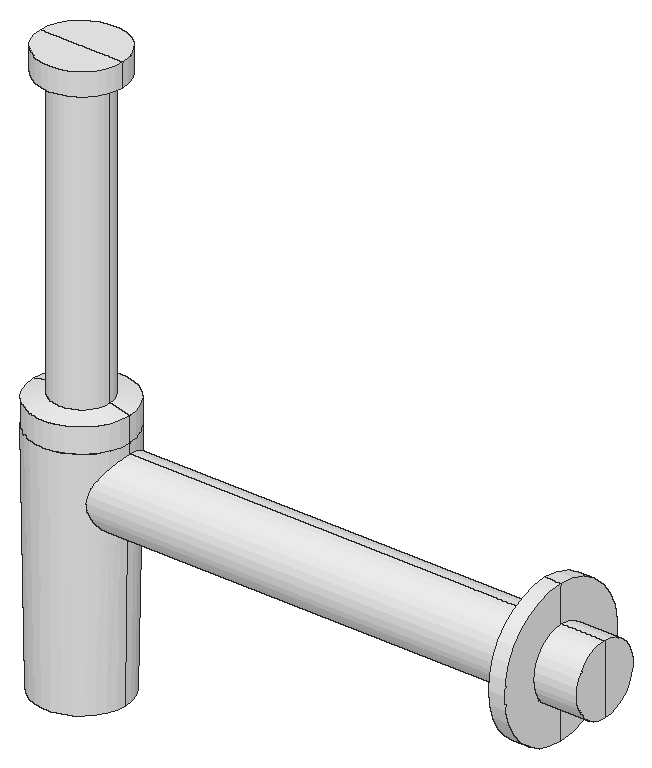
Revit family "Lavabo için Geberit sifon, yatay çıkış_PRO_145876", category Pipe Fittings, Revit 2018
Family settings
  Round Connector Dimension = Use Diameter
  Part Type = Multi Port
  OmniClass Number = 23.60.30.11.14
  OmniClass Title = Pipework Fittings
  Work Plane-Based = No
  Always vertical = Yes
  Cut with Voids When Loaded = No
  Shared = No
Parameters (values of type "151.034.21.1 Lavabo için Geberit sifon, yatay çıkış")
  type_index = 1
  Type = "d40-G1 1/4''"  # constant formula
  size_table = if(GEB_imperial_engineering, "waste_DNimperial_sizes", if(and(GEB_metric_engineering, GEB_use_DN), "waste_ODDN_sizes", "waste_DNOD_sizes"))  # "waste_ODDN_sizes"
  Product brand = ""
  Name = "Lavabo için Geberit sifon, yatay çıkış"
  length [instance] = 300 mm
  height [instance] = 220 mm
  h [instance] = if(height < 60 mm, 60 mm, if(height = 60 mm, 60 mm, if(height > 220 mm, 220 mm, if(height = 220 mm, 220 mm, height))))  # 220 mm
  Main material = Geberit_Plastic, White
  Waste Connection = 1 = 1  # yes
  WFU = 0
  Vent Connection = 1 = 0  # no
  l [instance] = if(length < 75 mm, 75 mm, if(length = 75 mm, 75 mm, if(length > 300 mm, 300 mm, if(length = 300 mm, 300 mm, length))))  # 300 mm
  built-in parameter 1114238 [instance] = 1
  HW Connection = 1 = 0  # no
  GEB_translations = "{\"applicationPurposes\":\"Application purposes\",\"application_range\":\"Application range\",\"brandName\":\"Brand\",\"characteristics\":\"Characteristics\",\"content_creator\":\"BIM Content creator\",\"content_date_changed\":\"BIM Content revision date\",\"content_version\":\"BIM Content Version\",\"key 1000\":\"Article number key\",\"ATT_10673\":\"EAN code basic data\",\"name\":\"Name\",\"productBrand\":\"Product brand\",\"type\":\"Type\",\"GEB_connection_diameter1\":\"Connection diameter 1\",\"GEB_connection_diameter2\":\"Connection diameter 2\",\"fixed_material\":\"Main material\",\"ATT_10935\":\"d, ø\",\"GEB_accessories\":\"Accessories\"}"
  GEB_pimversion = "22.02.12"
  GEB_culture = "tr-TR"
  Connection diameter 2 = if(GEB_imperial_engineering, size_lookup("waste_DNimperial_sizes", "cd", 25.4 mm, [d, ø]), [d, ø])  # 32 mm
  Connection diameter 1 = if(GEB_imperial_engineering, size_lookup("waste_DNimperial_sizes", "cd", 25.4 mm, 32 mm), 30 mm)  # 30 mm
  GEB_Article_Number [instance] = if(LOD300, "n/a", Article number key)  # "151.034.21.1"
  CW Connection = 1 = 0  # no
  d, ø = 32 mm
  EAN code basic data = "4025416706328"
  Article number key = "151.034.21.1"
  BIM Content Version = "GEB MG 1.2"  # constant formula
  BIM Content revision date = "2020.04.28"  # constant formula
  BIM Content creator = "Geberit"  # constant formula
  Characteristics = "EN 274-3 uyarınca kalite kontrollü\nKorozyona dayanıklı\nYatay çıkış"
  Brand = "Geberit"
  Application range = "Waste fittings"  # constant formula
  Application purposes = "Lavabolar için"
  Model = if(LOD300, GEB_generic_model, Type)  # "d40-G1 1/4''"
  Manufacturer = if(LOD300, GEB_generic_manufacturer, Brand)  # "Geberit"
  LOD400 = not(LOD300)  # yes
  LOD300 = no
  IfcExportType = "ENTRY"  # constant formula
  IfcExportAs = "IfcPipeFitting"  # constant formula
  IfcDescription = Description  # "Lavabo için Geberit sifon, yatay çıkış"
  GEB_use_DN = yes
  GEB_reference = "PRO_145876"  # constant formula
  GEB_processing_type = "T"  # constant formula
  GEB_metric_engineering = yes
  GEB_key_rules = "1000 [Articles.ArticlesList.Key] \r\n2000 [Name], d[ATT_10935]mm/G[ATT_10948]\"\r\n3000 [ATT_10673]"
  GEB_imperial_engineering = not(GEB_metric_engineering)  # no
  GEB_generic_model = "washbasin trap"
  GEB_generic_manufacturer = "generic"
  GEB_generic_description = "washbasin trap"
  Accessories = ""
  ETIM_class = ""  # constant formula
  ETIM_MC = ""  # constant formula
  Description = if(LOD300, GEB_generic_description, Name)  # "Lavabo için Geberit sifon, yatay çıkış"
Types (2, lengths in mm): name | Connection diameter 2 | GEB_Article_Number | d, ø | EAN code basic data | Article number key
  151.034.21.1 Lavabo için Geberit sifon, yatay çıkış | 32 | "151.034.21.1" | 32 | "4025416706328" | "151.034.21.1"
  151.035.21.1 Lavabo için Geberit sifon, yatay çıkış | 40 | "151.035.21.1" | 40 | "4025416706342" | "151.035.21.1"
Reference planes
  plane 1 "Center (Front/Back)": y = 0
  plane 2: z = 0
  plane 3 "Center (Left/Right)": x = 0
  plane 4: x = -27.5
  plane 5: z = 45.9
  plane 6: x = -25.2
  plane 7: z = 4
  plane 8: z = -40.5
Forms (mm)
  Revolve 1, solid, material "Geberit_Plastic, White" <- "Main material", detail levels fine
    sketch origin (0, 0, -110) x (1, 0, 0) y (0, 0, 1)
      loop
        line (-23.5, 330) -> (-23.5, 317) -> (-16, 317) -> (-16, 152.25) -> (-27.5, 149.65) -> (-27.5, 135.65) -> (-25.301, 0) -> (0, 0) -> (0, 330) -> (-23.5, 330)
      axis (0, 330) -> (0, 0)
    angle from 0 to 360
  Revolve 2, solid, material "Geberit_Plastic, White" <- "Main material", detail levels fine
    sketch origin (0, 0, -114) x (1, 0, 0) y (0, 0, 1)
      loop
        line (0, 114) -> (300, 114) -> (300, 134) -> (0, 134) -> (0, 114)
      axis (0, 114) -> (300, 114)
    angle from 0 to 360
  Revolve 3, solid, material "Geberit_Plastic, White" <- "Main material", detail levels fine
    sketch origin (0, 0, -114) x (1, 0, 0) y (0, 0, 1)
      loop
        line (260, 114) -> (275, 114) -> (275, 154.5) -> (265.774, 154.5) -> (260, 144.5) -> (260, 114)
      axis (260, 114) -> (275, 114)
    angle from 0 to 360
Cuts and joins
  joined: Revolve 1, Revolve 2
Lines and regions (mm)
  reference lines
    curve 1: line (0, 0, 0) -> (300, 0, 0)
    curve 2: line (0, 0, 220) -> (0, 0, -110)
  model lines, style "PipeFittingCenterLine", detail levels coarse+medium
    curve 3: line (0, 0, 220) -> (0, 0, -110)
    curve 4: line (0, 0, 0) -> (300, 0, 0)
Dimensions and locks
  plane 3 "Center (Left/Right)" to plane 6 = 25.2 mm
  plane 3 "Center (Left/Right)" to plane 4 = 27.5 mm
  "h": Revolve 1 sketch curve to curve 1
  curve 1 to plane 2 = 0 mm
  Revolve 1 sketch curve to Revolve 1 sketch curve = 13 mm
  "h": curve 2 to curve 1
  locked: Revolve 3 sketch curve to Revolve 3 sketch curve at 15
  "l": curve 2 to Revolve 2 sketch curve
  locked: Revolve 3 sketch curve to cut or joined group of Revolve 1, Revolve 2 at 25
  "l": curve 2 to curve 1
  locked: Revolve 1 sketch curve to curve 1 at 39.65
  "h": curve 3 to curve 1
  "l": curve 2 to curve 4
  angle Revolve 1 sketch curve to Revolve 1 sketch curve = 102.74°
  angle Revolve 3 sketch curve to Revolve 3 sketch curve = 120.00°
  aligned and locked: level to plane 2
  aligned and locked: Revolve 1 sketch curve to plane 3 "Center (Left/Right)"
  aligned and locked: plane 3 "Center (Left/Right)" to curve 1
  aligned and locked: curve 2 to curve 3
Automatic sketch dimensions
  plane 3 "Center (Left/Right)" to Revolve 3 sketch curve = 5.088 mm
  Revolve 3 sketch curve to plane 7 = 4 mm
  Revolve 3 sketch curve to Revolve 3 sketch curve = 0 mm
  Revolve 3 sketch curve to Revolve 3 sketch curve = 9.226 mm
  Revolve 3 sketch curve to Revolve 3 sketch curve = 27.167 mm
  plane 7 to Revolve 3 sketch curve = 26.5 mm
  curve 4 to level = 0 mm
  plane 8 to curve 3 = 69.5 mm
  plane 8 to curve 2 = 69.5 mm
  Revolve 1 sketch curve to plane 4 = 0 mm
  Revolve 1 sketch curve to plane 3 "Center (Left/Right)" = 0 mm
  Revolve 1 sketch curve to plane 6 = 0.101 mm
  plane 6 to Revolve 1 sketch curve = 1.7 mm
  Revolve 1 sketch curve to plane 5 = 3.65 mm
  Revolve 1 sketch curve to Revolve 1 sketch curve = 14 mm
  plane 8 to Revolve 1 sketch curve = 69.5 mm
  Revolve 1 sketch curve to Revolve 1 sketch curve = 366.045 mm
  Revolve 1 sketch curve to Revolve 1 sketch curve = 1950.315 mm
  Revolve 2 sketch curve to plane 3 "Center (Left/Right)" = 0 mm
  Revolve 2 sketch curve to level = 0 mm  (x2)
  plane 7 to Revolve 2 sketch curve = 16 mm
  plane 3 "Center (Left/Right)" to Revolve 2 sketch curve = 5.088 mm
  Revolve 2 sketch curve to Revolve 2 sketch curve = 53.243 mm
Connectors
  piping at (0, 0, 220), diameter 30, driven by "Connection diameter 1"
    settings: on curve 2, index 1, connector inside diameter 609.6 mm, connector length 0 mm, flow factor 0, pipe flow 0.0 L/s, pressure drop 0.0 Pa, fitting loss kfactor 0, connector angle 0.00°, fixture units 0, engagement length 0 mm, angle of deflection 0.00°, flow configuration 0, flow direction 1, fitting loss method 0, system type 28, joint type 0, gender type 0, connector reference index 2, connector utility 0, adjustable connector no, is connector primary yes, connector description ""
  piping at (300, 0, 0), diameter 32, driven by "Connection diameter 2"
    settings: on curve 1, index 2, connector inside diameter 609.6 mm, connector length 0 mm, flow factor 0, pipe flow 0.0 L/s, pressure drop 0.0 Pa, fitting loss kfactor 0, connector angle 0.00°, fixture units 0, engagement length 0 mm, angle of deflection 0.00°, flow configuration 0, flow direction 2, fitting loss method 0, system type 28, joint type 0, gender type 0, connector reference index 1, connector utility 0, adjustable connector no, is connector primary no, connector description ""
